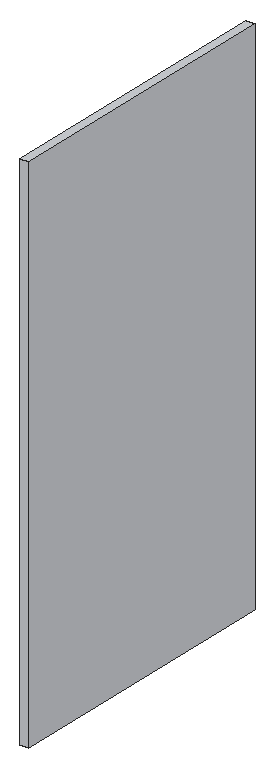
Revit family "Cab_Lower_SideOfBox", category Casework, Revit 2019
Family settings
  Work Plane-Based = No
  Always vertical = Yes
  Cut with Voids When Loaded = No
  Shared = No
  Room Calculation Point = No
Parameters
  oWctrl = 0' - 0"
  oW = 0' - 0 3/4"
  oHctrl = 0' - 0"
  oH = 3' - 8.76504"
  oDctrl = 0' - 0"
  oD = 2' - 0"
Reference planes (in)
  plane 1 "Center (Front/Back)": y = 0
  plane 2: z = 0
  plane 3 "Center (Left/Right)": x = 0
  plane 4: x = 0.75
  plane 5: y = -24
  plane 6: z = 44.76504
Forms (in)
  Extrusion 1, solid
    sketch origin (0, 0, 0) x (1, 0, 0) y (0, 1, 0)
      loop
        line (0, 0) -> (0, -24) -> (0.75, -24) -> (0.75, 0) -> (0, 0)
    from 0 to 44.76504
Dimensions and locks (in)
  "oW": plane 3 "Center (Left/Right)" to plane 4
  "oD": plane 5 to plane 1 "Center (Front/Back)"
  "oH": plane 6 to level
  aligned and locked: plane 2 to level
  aligned and locked: plane 3 "Center (Left/Right)" to Extrusion 1 sketch curve
  aligned and locked: plane 5 to Extrusion 1 sketch curve
  aligned and locked: plane 4 to Extrusion 1 sketch curve
  aligned and locked: plane 1 "Center (Front/Back)" to Extrusion 1 sketch curve
  aligned and locked: plane 6 to Extrusion 1
  aligned and locked: Extrusion 1 to level
